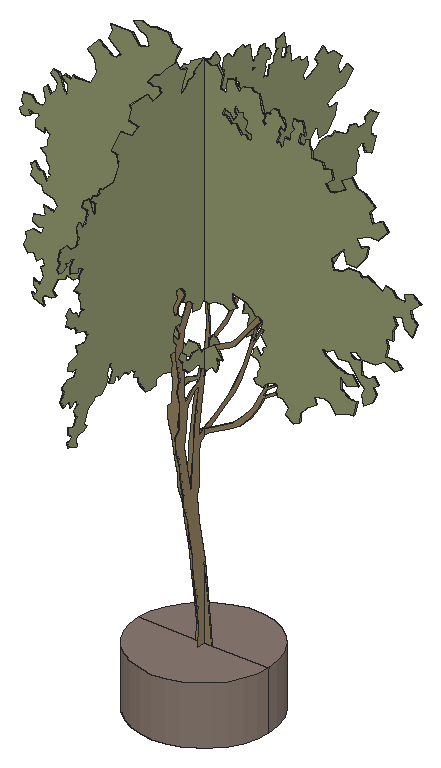
Revit family "L-PL낙엽교목_목련", category 수목, Revit 2019
Family settings
  OmniClass 번호 = 23.40.05.00
  OmniClass 제목 = Plants and Planting Products
  작업 기준면 기반 = 아니오
  항상 수직 = 예
  로드될 때 보이드를 사용하여 절단 = 아니오
  렌더 모양 소스 = 패밀리 형상
  공유 = 아니오
Parameters (values of type "목련")
  한국산업규격KS = ""
  콘 높이 = 뿌리분 직경 / 4  # 272.5 mm
  조달청표준공사코드-세부공종 = "10161599202809"
  뿌리분 직경 = (24 mm + ((R / 10) - 3 mm) * 5) * 10  # 1090 mm
  뿌리분 높이 = 뿌리분 직경 / 2  # 545 mm
  높이 = 5000 mm
  건설정보분류체계-부위분류 = "E985"
  R = 200 mm
  LIM_INFO_주의사항 = "재배포, 재가공, 판매 금지"
  LIM_INFO_제작일 = "20211210"
  LIM_INFO_버전 = "2022_V01"
  LIM_INFO_PL_학명 = "Quercus myrsinaefolia Bl."
  LIM_INFO_PL_품명 = "가시나무"
  LIM_INFO_PL_주당인정수량 = 0
  LIM_INFO_PL_수목단위 = "주"
  LIM_INFO_PL_규격 = "5.0H X 18R"
  LIM_INFO_PL_구분 = "상록교목"
  LIM_INFO_PL_가격 = 0
  LIM_INFO_PL_Qty [instance] = 0
  LIM_INFO_PL_M2당수량 = 0
  KBIMS_식별-버전 = ""
  KBIMS_식별-bSK등록번호 = ""
  KBIMS_보급정보-저작자 = "림인포테크_MMJ"
  KBIMS_보급정보-보급코드 = ""
  H = 높이  # 5000 mm
Reference planes
  plane 1 "중심(앞/뒤)": y = 0
  plane 2: z = 0
  plane 3 "중심(왼쪽/오른쪽)": x = 0
  plane 4: x = 482.5
  plane 5: x = -607.5
  plane 6: z = -545
  plane 7: z = -817.5
  plane 8: z = 5000
  plane 9: x = -100
  plane 10: x = 100
Forms (mm)
  Revolve 1, solid, material "흙"
    sketch origin (0, 0, 0) x (1, 0, 0) y (0, 0, 1)
      loop
        line (0, 0) -> (-607.5, 0) -> (-607.5, -545) -> (0, -545) -> (0, 0)
      axis (0, 0) -> (0, -545)
    angle from 0 to 360
  Revolve 2, solid, material "흙"
    sketch origin (0, 0, 0) x (1, 0, 0) y (0, 0, 1)
      loop
        line (0, -545) -> (-607.5, -545) -> (0, -817.5) -> (0, -545)
      axis (0, -545) -> (0, -817.5)
    angle from 0 to 360
Dimensions and locks
  "뿌리분 직경": plane 4 to plane 5
  "뿌리분 높이": plane 6 to level
  "콘 높이": plane 7 to plane 6
  "H": level to plane 8
  "R": plane 9 to plane 10
  aligned and locked: level to plane 2
Automatic sketch dimensions
  Revolve 1 sketch curve to level = 0 mm  (x2)
  Revolve 1 sketch curve to plane 5 = 0 mm
  Revolve 1 sketch curve to plane 3 "중심(왼쪽/오른쪽)" = 0 mm  (x2)
  Revolve 1 sketch curve to plane 6 = 0 mm  (x2)
  Revolve 2 sketch curve to plane 5 = 0 mm
  Revolve 2 sketch curve to plane 3 "중심(왼쪽/오른쪽)" = 0 mm  (x2)
  Revolve 2 sketch curve to plane 7 = 0 mm  (x2)
  Revolve 2 sketch curve to plane 6 = 0 mm  (x2)
Nested families
  nested 1: "목련_base" at (0, 0, 0), type "목련_base"
Definition of nested family "목련_base"
  Parameters (values of type "목련_base")
    Height = 6000 mm
  Reference planes
    plane 1 "중심(앞/뒤)": y = 0
    plane 2: z = 0
    plane 3 "중심(왼쪽/오른쪽)": x = 0
  Forms (mm)
    Extrusion 1, solid, detail levels fine
      sketch origin (0, 0, 0) x (1, 0, 0) y (0, 0, 1)
        loop
          line (-1402.115, 3232.192) -> (-1364.701, 3177.607) -> (-1398.07, 3125.044) -> (-1493.867, 3143.201) -> (-1476.65, 3058.16) -> (-1585.014, 3035.888) -> (-1596.154, 2978.182) -> (-1544.504, 2945.785) -> (-1489.816, 2955.909) -> (-1517.16, 2893.141) -> (-1596.154, 2907.314) -> (-1659.957, 2863.782) -> (-1649.83, 2812.15) -> (-1682.238, 2752.419) -> (-1647.804, 2694.713) -> (-1582.989, 2720.023) -> (-1562.734, 2656.242) -> (-1501.015, 2697.507) -> (-1484.798, 2641.783) -> (-1522.299, 2614.427) -> (-1496.961, 2542.492) -> (-1530.407, 2473.597) -> (-1588.178, 2496.9) -> (-1589.191, 2441.176) -> (-1548.65, 2407.741) -> (-1569.934, 2371.267) -> (-1608.448, 2379.373) -> (-1590.205, 2329.727) -> (-1489.866, 2298.319) -> (-1503.042, 2365.188) -> (-1476.69, 2393.557) -> (-1420.946, 2391.531) -> (-1377.365, 2419.899) -> (-1410.811, 2455.36) -> (-1362.801, 2563.351) -> (-1289.771, 2597.825) -> (-1278.614, 2627.23) -> (-1216.741, 2613.034) -> (-1156.898, 2660.69) -> (-1130.526, 2715.443) -> (-1144.726, 2761.07) -> (-1108.211, 2834.074) -> (-1082.853, 2825.963) -> (-1096.937, 2801.572) -> (-1068.352, 2752.676) -> (-1109.642, 2664.41) -> (-1057.553, 2643.454) -> (-1038.496, 2691.08) -> (-1005.463, 2678.38) -> (-999.111, 2639.644) -> (-938.764, 2677.11) -> (-888.58, 2640.914) -> (-844.749, 2661.235) -> (-812.987, 2623.134) -> (-821.245, 2588.208) -> (-768.521, 2567.888) -> (-770.426, 2520.897) -> (-759.627, 2504.387) -> (-733.583, 2465.651) -> (-690.387, 2410.406) -> (-633.215, 2395.165) -> (-623.052, 2406.595) -> (-568.421, 2404.055) -> (-568.421, 2452.951) -> (-489.667, 2471.87) -> (-399.117, 2450.512) -> (-384.873, 2515.604) -> (-402.163, 2591.965) -> (-342.089, 2586.876) -> (-331.907, 2640.822) -> (-359.399, 2674.411) -> (-367.545, 2733.446) -> (-342.089, 2800.624) -> (-284.052, 2792.481) -> (-265.724, 2839.302) -> (-305.99, 2887.216) -> (-364.073, 2899.44) -> (-367.13, 2972.781) -> (-321.275, 3025.749) -> (-333.503, 3099.09) -> (-279.497, 3097.053) -> (-257.079, 3068.531) -> (-231.604, 3042.047) -> (-218.357, 3005.377) -> (-241.794, 2962.594) -> (-167.408, 2933.054) -> (-140.914, 2900.458) -> (-132.763, 2834.248) -> (-56.339, 2826.099) -> (-23.731, 2872.955) -> (13.855, 2874.935) -> (51.478, 2856.449) -> (102.492, 2893.421) -> (191.767, 2902.983) -> (245.332, 2871.11) -> (316.114, 2918.282) -> (274.027, 2970.553) -> (274.027, 3022.824) -> (393.911, 2995.414) -> (452.577, 2955.254) -> (494.027, 2915.732) -> (552.055, 2890.234) -> (544.403, 2825.851) -> (569.91, 2819.477) -> (543.128, 2765.931) -> (595.265, 2692.21) -> (557.505, 2664.665) -> (567.71, 2630.998) -> (534.032, 2603.453) -> (496.272, 2656.503) -> (471.778, 2626.918) -> (471.778, 2595.292) -> (449.326, 2568.767) -> (514.642, 2543.262) -> (533.011, 2494.293) -> (507.498, 2448.384) -> (511.58, 2410.637) -> (473.819, 2383.092) -> (496.272, 2343.304) -> (564.649, 2340.244) -> (590.162, 2374.93) -> (668.112, 2411.887) -> (693.65, 2402.314) -> (682.478, 2341.683) -> (693.65, 2309.771) -> (739.271, 2305.817) -> (801.472, 2254.799) -> (772.764, 2183.054) -> (846.129, 2133.629) -> (905.141, 2165.516) -> (908.33, 2237.261) -> (973.721, 2313.789) -> (1058.251, 2363.213) -> (1039.112, 2425.392) -> (1137.996, 2447.713) -> (1183.573, 2426.69) -> (1237.737, 2347.066) -> (1336.507, 2391.656) -> (1408.195, 2401.211) -> (1438.463, 2522.24) -> (1374.741, 2520.648) -> (1288.715, 2581.163) -> (1285.529, 2673.527) -> (1344.473, 2625.753) -> (1451.506, 2659.254) -> (1397.342, 2737.286) -> (1354.329, 2719.769) -> (1247.594, 2754.804) -> (1145.638, 2805.764) -> (1112.184, 2851.946) -> (1164.755, 2847.169) -> (1223.698, 2883.796) -> (1263.525, 2821.689) -> (1362.295, 2834.429) -> (1404.608, 2773.168) -> (1449.162, 2704.77) -> (1504.855, 2657.05) -> (1477.804, 2601.377) -> (1496.899, 2513.89) -> (1579.643, 2566.382) -> (1621.015, 2644.325) -> (1593.964, 2696.817) -> (1638.518, 2731.811) -> (1601.92, 2793.847) -> (1546.227, 2754.08) -> (1482.578, 2763.624) -> (1479.396, 2824.07) -> (1477.804, 2879.743) -> (1417.338, 2878.152) -> (1360.054, 2913.147) -> (1431.659, 2935.416) -> (1484.169, 2892.468) -> (1609.876, 2898.831) -> (1695.802, 2949.732) -> (1794.459, 2905.194) -> (1857.51, 2943.339) -> (1806.63, 2995.79) -> (1709.639, 2998.969) -> (1727.129, 3080.031) -> (1714.409, 3146.787) -> (1773.24, 3156.324) -> (1773.24, 3235.796) -> (1809.81, 3289.837) -> (1778.01, 3359.773) -> (1851.15, 3386.793) -> (1881.36, 3289.837) -> (1954.5, 3245.333) -> (2005.38, 3370.899) -> (1951.32, 3409.045) -> (1943.37, 3469.444) -> (2037.181, 3547.327) -> (1956.09, 3604.547) -> (1886.13, 3577.526) -> (1892.49, 3525.075) -> (1808.22, 3526.664) -> (1774.83, 3571.168) -> (1704.291, 3588.698) -> (1673.801, 3527.742) -> (1536.6, 3611.557) -> (1488.325, 3586.159) -> (1445.132, 3614.097) -> (1356.205, 3614.097) -> (1302.849, 3570.919) -> (1216.463, 3550.6) -> (1201.218, 3642.036) -> (1315.553, 3756.33) -> (1340.961, 3647.115) -> (1432.428, 3647.115) -> (1521.355, 3756.33) -> (1544.222, 3850.305) -> (1470.54, 3837.606) -> (1432.428, 3885.863) -> (1544.222, 3949.36) -> (1638.231, 3946.82) -> (1732.239, 4048.415) -> (1676.342, 4116.992) -> (1587.415, 4071.274) -> (1556.926, 4152.55) -> (1610.282, 4210.967) -> (1513.733, 4297.322) -> (1440.051, 4307.482) -> (1391.776, 4388.758) -> (1292.686, 4325.261) -> (1338.42, 4266.844) -> (1231.707, 4208.427) -> (1178.351, 4190.648) -> (1145.321, 4251.605) -> (1213.922, 4307.482) -> (1201.218, 4386.218) -> (1127.536, 4373.518) -> (1119.913, 4416.696) -> (1015.742, 4424.316) -> (1015.742, 4482.733) -> (992.875, 4523.371) -> (992.875, 4566.335) -> (961.329, 4554.353) -> (949.343, 4489.451) -> (896.404, 4513.414) -> (908.39, 4592.295) -> (949.343, 4581.312) -> (941.352, 4643.219) -> (929.366, 4704.127) -> (893.407, 4684.157) -> (845.462, 4690.148) -> (838.471, 4630.238) -> (855.451, 4603.279) -> (814.498, 4553.354) -> (816.496, 4503.429) -> (763.557, 4505.426) -> (750.572, 4450.509) -> (739.585, 4400.585) -> (714.613, 4438.527) -> (686.646, 4438.527) -> (717.61, 4511.417) -> (704.625, 4537.378) -> (724.602, 4579.315) -> (758.563, 4559.345) -> (770.549, 4607.273) -> (744.579, 4657.198) -> (711.617, 4668.181) -> (703.626, 4709.119) -> (654.683, 4704.127) -> (629.711, 4670.178) -> (638.701, 4649.21) -> (592.754, 4651.207) -> (573.776, 4569.33) -> (591.755, 4555.351) -> (570.779, 4545.366) -> (551.801, 4571.327) -> (581.767, 4613.264) -> (557.794, 4642.22) -> (539.815, 4713.113) -> (525.305, 4783.499) -> (467.283, 4779.499) -> (453.278, 4810.5) -> (378.249, 4795.5) -> (341.235, 4749.498) -> (282.201, 4814.714) -> (226.968, 4803.671) -> (216.926, 4730.388) -> (220.943, 4686.218) -> (157.676, 4701.276) -> (181.778, 4819.733) -> (136.588, 4896.028) -> (71.313, 4857.88) -> (-4.005, 4899.039) -> (-117.483, 4838.807) -> (-124.06, 4802.064) -> (-183.332, 4789.009) -> (-202.42, 4751.851) -> (-285.803, 4701.638) -> (-253.655, 4811.102) -> (-208.447, 4906.507) -> (-288.817, 4927.597) -> (-322.973, 5000.908) -> (-439.509, 5003.92) -> (-505.814, 4982.831) -> (-575.132, 5007.937) -> (-652.487, 4986.848) -> (-600.247, 4929.605) -> (-526.911, 4900.482) -> (-498.781, 4818.132) -> (-599.243, 4796.039) -> (-667.651, 4883.313) -> (-863.879, 4883.313) -> (-847.795, 4838.293) -> (-883.18, 4759.508) -> (-764.157, 4659.821) -> (-841.361, 4616.409) -> (-976.469, 4708.057) -> (-1082.624, 4598.723) -> (-1018.288, 4537.625) -> (-1000.595, 4429.898) -> (-1055.281, 4322.172) -> (-1191.997, 4320.564) -> (-1213.659, 4337.104) -> (-1240.074, 4294.98) -> (-1294.161, 4310.698) -> (-1324.35, 4283.664) -> (-1274.036, 4235.254) -> (-1270.891, 4145.349) -> (-1310.514, 4183.7) -> (-1324.979, 4250.971) -> (-1349.507, 4308.183) -> (-1400.45, 4320.757) -> (-1424.349, 4281.149) -> (-1366.488, 4217.021) -> (-1380.324, 4138.433) -> (-1426.221, 4105.05) -> (-1458.443, 4161.418) -> (-1490.665, 4130.214) -> (-1474.554, 4022.51) -> (-1496.706, 3973.188) -> (-1563.164, 3977.215) -> (-1605.455, 4030.563) -> (-1682.989, 4023.517) -> (-1704.134, 3952.05) -> (-1679.831, 3915.984) -> (-1717.145, 3880.699) -> (-1697.984, 3840.374) -> (-1664.704, 3835.334) -> (-1614.28, 3861.545) -> (-1637.475, 3901.87) -> (-1592.093, 3882.716) -> (-1553.771, 3899.854) -> (-1530.576, 3881.707) -> (-1565.873, 3832.309) -> (-1566.881, 3778.879) -> (-1486.056, 3755.2) -> (-1483.533, 3795.546) -> (-1428.039, 3758.983) -> (-1460.831, 3705.399) -> (-1455.155, 3653.707) -> (-1518.217, 3614.622) -> (-1462.294, 3568.102) -> (-1466.336, 3527.7) -> (-1441.075, 3483.257) -> (-1444.107, 3435.784) -> (-1415.815, 3411.543) -> (-1448.148, 3399.422) -> (-1467.346, 3358.01) -> (-1494.628, 3417.603) -> (-1546.159, 3436.794) -> (-1570.409, 3489.318) -> (-1618.909, 3453.965) -> (-1596.68, 3415.583) -> (-1618.51, 3358.547) -> (-1551.771, 3310.027) -> (-1508.29, 3312.048) -> (-1493.122, 3255.441) -> (-1402.115, 3232.192)
        loop
          line (26.539, 2291.366) -> (78.667, 2337.345) -> (117.507, 2314.867) -> (142.038, 2375.151) -> (126.706, 2428.282) -> (180.879, 2428.282) -> (145.105, 2491.631) -> (105.189, 2535.243) -> (60.268, 2502.87) -> (-27.634, 2439.521) -> (-49.098, 2485.5) -> (-138.023, 2485.5) -> (-165.62, 2442.587) -> (-223.881, 2460.978) -> (-223.881, 2515.131) -> (-261.7, 2547.828) -> (-296.452, 2534.545) -> (-296.452, 2511.044) -> (-255.567, 2457.913) -> (-255.567, 2411.934) -> (-191.173, 2349.607) -> (-130.868, 2349.607) -> (-65.452, 2370.042) -> (-50.121, 2325.084) -> (26.539, 2291.366)
        loop
          line (261.545, 4445.488) -> (308.551, 4456.139) -> (332.368, 4414.787) -> (359.945, 4384.087) -> (395.671, 4397.871) -> (420.114, 4364.665) -> (453.959, 4367.797) -> (453.332, 4420.426) -> (392.537, 4441.728) -> (411.966, 4491.851) -> (411.966, 4523.178) -> (375.614, 4541.974) -> (379.375, 4582.699) -> (333.622, 4567.662) -> (298.523, 4605.254) -> (291.629, 4559.517) -> (307.298, 4524.431) -> (285.361, 4488.092) -> (257.157, 4535.082) -> (202.003, 4546.986) -> (183.2, 4499.37) -> (232.087, 4485.586) -> (261.545, 4445.488)
      from 0 to 5
    Extrusion 2, solid, detail levels fine
      sketch origin (0, 0, 0) x (1, 0, 0) y (0, 0, 1)
        loop
          line (-283.089, 2117.308) -> (-293.341, 1910.317) -> (-335.152, 1866.498) -> (-330.432, 1797.063) -> (-326.169, 1721.763) -> (-304.681, 1669.136) -> (-287.49, 1585.361) -> (-278.895, 1508.031) -> (-254.183, 1365.185) -> (-243.439, 1332.964) -> (-240.132, 1231.284) -> (-191.159, 1104.536) -> (-171.704, 965.046) -> (-134.03, 780.124) -> (-130.815, 710.494) -> (-113.088, 528.051) -> (-93.687, 409.124) -> (-63.843, 156.051) -> (-75, 0) -> (75, 0) -> (67.295, 126.981) -> (37.471, 406.719) -> (4.659, 694.647) -> (-61.761, 1045.843) -> (-86.231, 1271.238) -> (-69.216, 1348.115) -> (-69.216, 1611.663) -> (-53.836, 1699.513) -> (47.227, 1776.381) -> (242.346, 1876.329) -> (350.283, 1944.59) -> (437.292, 2032.669) -> (511.085, 2136.162) -> (568.358, 2241.857) -> (686.948, 2316.972) -> (678.409, 2338.923) -> (584.07, 2278.762) -> (566.584, 2277.543) -> (597.895, 2334.451) -> (689.388, 2398.27) -> (675.156, 2403.961) -> (608.061, 2358.434) -> (598.708, 2354.776) -> (600.742, 2375.1) -> (592.202, 2370.629) -> (560.485, 2317.785) -> (530.91, 2256.17) -> (465.928, 2136.162) -> (363.499, 2018.356) -> (277.591, 1944.59) -> (112.383, 1853.208) -> (-9.872, 1794.855) -> (-62.738, 1751.917) -> (-62.738, 1823.481) -> (-34.102, 2062.396) -> (9.953, 2266.078) -> (16.026, 2291.733) -> (-30.799, 2313.376) -> (-40.84, 2267.469) -> (-48.606, 2225.381) -> (-151.894, 2175.58) -> (-221.939, 2112.376) -> (-239.608, 2185.783) -> (-238.503, 2271.884) -> (-235.709, 2381.739) -> (-263.918, 2405.452) -> (-262.72, 2456.203) -> (-302.779, 2507.861) -> (-302.779, 2535.092) -> (-265.123, 2547.906) -> (-258.342, 2599.573) -> (-240.706, 2709.896) -> (-234.304, 2739.332) -> (-148.527, 2901.228) -> (-168.371, 2929.383) -> (-199.097, 2941.542) -> (-286.176, 2766.016) -> (-295.138, 2790.972) -> (-322.663, 2794.172) -> (-290.657, 2712.904) -> (-293.217, 2673.23) -> (-309.221, 2677.069) -> (-362.351, 2730.181) -> (-355.31, 2678.349) -> (-325.224, 2644.434) -> (-332.905, 2612.439) -> (-333.37, 2529.713) -> (-293.231, 2322.104) -> (-312.839, 2233.562) -> (-283.089, 2117.308)
        loop
          line (-206.48, 1555.476) -> (-176.664, 1385.48) -> (-161.205, 1349.053) -> (-146.849, 1364.507) -> (-147.953, 1419.7) -> (-135.806, 1517.944) -> (-134.702, 1613.98) -> (-123.66, 1681.316) -> (-112.617, 1840.273) -> (-93.844, 2003.645) -> (-61.821, 2153.771) -> (-54.921, 2191.16) -> (-134.207, 2142.228) -> (-198.121, 2073.112) -> (-204.271, 2038.969) -> (-217.522, 1882.22) -> (-232.982, 1813.78) -> (-238.503, 1736.509) -> (-225.252, 1690.147) -> (-206.48, 1555.476)
        loop
          line (505.008, 2907.007) -> (307.766, 2658.038) -> (266.791, 2613.021) -> (110.236, 2533.335) -> (138.506, 2502.771) -> (245.974, 2556.935) -> (297.778, 2594.479) -> (431.172, 2759.545) -> (548.846, 2886.996) -> (505.008, 2907.007)
        loop
          line (19.365, 2866.457) -> (28.227, 2665.213) -> (10.836, 2471.8) -> (48.769, 2498.931) -> (56.594, 2664.808) -> (44.817, 2855.957) -> (19.365, 2866.457)
      from 0 to 5
    Extrusion 3, solid, detail levels fine
      sketch origin (0, 0, 0) x (0, 1, 0) y (0, 0, 1)
        loop
          line (-1402.115, 3232.192) -> (-1364.701, 3177.607) -> (-1398.07, 3125.044) -> (-1493.867, 3143.201) -> (-1476.65, 3058.16) -> (-1585.014, 3035.888) -> (-1596.154, 2978.182) -> (-1544.504, 2945.785) -> (-1489.816, 2955.909) -> (-1517.16, 2893.141) -> (-1596.154, 2907.314) -> (-1659.957, 2863.782) -> (-1649.83, 2812.15) -> (-1682.238, 2752.419) -> (-1647.804, 2694.713) -> (-1582.989, 2720.023) -> (-1562.734, 2656.242) -> (-1501.015, 2697.507) -> (-1484.798, 2641.783) -> (-1522.299, 2614.427) -> (-1496.961, 2542.492) -> (-1530.407, 2473.597) -> (-1588.178, 2496.9) -> (-1589.191, 2441.176) -> (-1548.65, 2407.741) -> (-1569.934, 2371.267) -> (-1608.448, 2379.373) -> (-1590.205, 2329.727) -> (-1489.866, 2298.319) -> (-1503.042, 2365.188) -> (-1476.69, 2393.557) -> (-1420.946, 2391.531) -> (-1377.365, 2419.899) -> (-1410.811, 2455.36) -> (-1362.801, 2563.351) -> (-1289.771, 2597.825) -> (-1278.614, 2627.23) -> (-1216.741, 2613.034) -> (-1156.898, 2660.69) -> (-1130.526, 2715.443) -> (-1144.726, 2761.07) -> (-1108.211, 2834.074) -> (-1082.853, 2825.963) -> (-1096.937, 2801.572) -> (-1068.352, 2752.676) -> (-1109.642, 2664.41) -> (-1057.553, 2643.454) -> (-1038.496, 2691.08) -> (-1005.463, 2678.38) -> (-999.111, 2639.644) -> (-938.764, 2677.11) -> (-888.58, 2640.914) -> (-844.749, 2661.235) -> (-812.987, 2623.134) -> (-821.245, 2588.208) -> (-768.521, 2567.888) -> (-770.426, 2520.897) -> (-759.627, 2504.387) -> (-733.583, 2465.651) -> (-690.387, 2410.406) -> (-633.215, 2395.165) -> (-623.052, 2406.595) -> (-568.421, 2404.055) -> (-568.421, 2452.951) -> (-489.667, 2471.87) -> (-399.117, 2450.512) -> (-384.873, 2515.604) -> (-402.163, 2591.965) -> (-342.089, 2586.876) -> (-331.907, 2640.822) -> (-359.399, 2674.411) -> (-367.545, 2733.446) -> (-342.089, 2800.624) -> (-284.052, 2792.481) -> (-265.724, 2839.302) -> (-305.99, 2887.216) -> (-364.073, 2899.44) -> (-367.13, 2972.781) -> (-321.275, 3025.749) -> (-333.503, 3099.09) -> (-279.497, 3097.053) -> (-257.079, 3068.531) -> (-231.604, 3042.047) -> (-218.357, 3005.377) -> (-241.794, 2962.594) -> (-167.408, 2933.054) -> (-140.914, 2900.458) -> (-132.763, 2834.248) -> (-56.339, 2826.099) -> (-23.731, 2872.955) -> (13.855, 2874.935) -> (51.478, 2856.449) -> (102.492, 2893.421) -> (191.767, 2902.983) -> (245.332, 2871.11) -> (316.114, 2918.282) -> (274.027, 2970.553) -> (274.027, 3022.824) -> (393.911, 2995.414) -> (452.577, 2955.254) -> (494.027, 2915.732) -> (552.055, 2890.234) -> (544.403, 2825.851) -> (569.91, 2819.477) -> (543.128, 2765.931) -> (595.265, 2692.21) -> (557.505, 2664.665) -> (567.71, 2630.998) -> (534.032, 2603.453) -> (496.272, 2656.503) -> (471.778, 2626.918) -> (471.778, 2595.292) -> (449.326, 2568.767) -> (514.642, 2543.262) -> (533.011, 2494.293) -> (507.498, 2448.384) -> (511.58, 2410.637) -> (473.819, 2383.092) -> (496.272, 2343.304) -> (564.649, 2340.244) -> (590.162, 2374.93) -> (668.112, 2411.887) -> (693.65, 2402.314) -> (682.478, 2341.683) -> (693.65, 2309.771) -> (739.271, 2305.817) -> (801.472, 2254.799) -> (772.764, 2183.054) -> (846.129, 2133.629) -> (905.141, 2165.516) -> (908.33, 2237.261) -> (973.721, 2313.789) -> (1058.251, 2363.213) -> (1039.112, 2425.392) -> (1137.996, 2447.713) -> (1183.573, 2426.69) -> (1237.737, 2347.066) -> (1336.507, 2391.656) -> (1408.195, 2401.211) -> (1438.463, 2522.24) -> (1374.741, 2520.648) -> (1288.715, 2581.163) -> (1285.529, 2673.527) -> (1344.473, 2625.753) -> (1451.506, 2659.254) -> (1397.342, 2737.286) -> (1354.329, 2719.769) -> (1247.594, 2754.804) -> (1145.638, 2805.764) -> (1112.184, 2851.946) -> (1164.755, 2847.169) -> (1223.698, 2883.796) -> (1263.525, 2821.689) -> (1362.295, 2834.429) -> (1404.608, 2773.168) -> (1449.162, 2704.77) -> (1504.855, 2657.05) -> (1477.804, 2601.377) -> (1496.899, 2513.89) -> (1579.643, 2566.382) -> (1621.015, 2644.325) -> (1593.964, 2696.817) -> (1638.518, 2731.811) -> (1601.92, 2793.847) -> (1546.227, 2754.08) -> (1482.578, 2763.624) -> (1479.396, 2824.07) -> (1477.804, 2879.743) -> (1417.338, 2878.152) -> (1360.054, 2913.147) -> (1431.659, 2935.416) -> (1484.169, 2892.468) -> (1609.876, 2898.831) -> (1695.802, 2949.732) -> (1794.459, 2905.194) -> (1857.51, 2943.339) -> (1806.63, 2995.79) -> (1709.639, 2998.969) -> (1727.129, 3080.031) -> (1714.409, 3146.787) -> (1773.24, 3156.324) -> (1773.24, 3235.796) -> (1809.81, 3289.837) -> (1778.01, 3359.773) -> (1851.15, 3386.793) -> (1881.36, 3289.837) -> (1954.5, 3245.333) -> (2005.38, 3370.899) -> (1951.32, 3409.045) -> (1943.37, 3469.444) -> (2037.181, 3547.327) -> (1956.09, 3604.547) -> (1886.13, 3577.526) -> (1892.49, 3525.075) -> (1808.22, 3526.664) -> (1774.83, 3571.168) -> (1704.291, 3588.698) -> (1673.801, 3527.742) -> (1536.6, 3611.557) -> (1488.325, 3586.159) -> (1445.132, 3614.097) -> (1356.205, 3614.097) -> (1302.849, 3570.919) -> (1216.463, 3550.6) -> (1201.218, 3642.036) -> (1315.553, 3756.33) -> (1340.961, 3647.115) -> (1432.428, 3647.115) -> (1521.355, 3756.33) -> (1544.222, 3850.305) -> (1470.54, 3837.606) -> (1432.428, 3885.863) -> (1544.222, 3949.36) -> (1638.231, 3946.82) -> (1732.239, 4048.415) -> (1676.342, 4116.992) -> (1587.415, 4071.274) -> (1556.926, 4152.55) -> (1610.282, 4210.967) -> (1513.733, 4297.322) -> (1440.051, 4307.482) -> (1391.776, 4388.758) -> (1292.686, 4325.261) -> (1338.42, 4266.844) -> (1231.707, 4208.427) -> (1178.351, 4190.648) -> (1145.321, 4251.605) -> (1213.922, 4307.482) -> (1201.218, 4386.218) -> (1127.536, 4373.518) -> (1119.913, 4416.696) -> (1015.742, 4424.316) -> (1015.742, 4482.733) -> (992.875, 4523.371) -> (992.875, 4566.335) -> (961.329, 4554.353) -> (949.343, 4489.451) -> (896.404, 4513.414) -> (908.39, 4592.295) -> (949.343, 4581.312) -> (941.352, 4643.219) -> (929.366, 4704.127) -> (893.407, 4684.157) -> (845.462, 4690.148) -> (838.471, 4630.238) -> (855.451, 4603.279) -> (814.498, 4553.354) -> (816.496, 4503.429) -> (763.557, 4505.426) -> (750.572, 4450.509) -> (739.585, 4400.585) -> (714.613, 4438.527) -> (686.646, 4438.527) -> (717.61, 4511.417) -> (704.625, 4537.378) -> (724.602, 4579.315) -> (758.563, 4559.345) -> (770.549, 4607.273) -> (744.579, 4657.198) -> (711.617, 4668.181) -> (703.626, 4709.119) -> (654.683, 4704.127) -> (629.711, 4670.178) -> (638.701, 4649.21) -> (592.754, 4651.207) -> (573.776, 4569.33) -> (591.755, 4555.351) -> (570.779, 4545.366) -> (551.801, 4571.327) -> (581.767, 4613.264) -> (557.794, 4642.22) -> (539.815, 4713.113) -> (525.305, 4783.499) -> (467.283, 4779.499) -> (453.278, 4810.5) -> (378.249, 4795.5) -> (341.235, 4749.498) -> (282.201, 4814.714) -> (226.968, 4803.671) -> (216.926, 4730.388) -> (220.943, 4686.218) -> (157.676, 4701.276) -> (181.778, 4819.733) -> (136.588, 4896.028) -> (71.313, 4857.88) -> (-4.005, 4899.039) -> (-117.483, 4838.807) -> (-124.06, 4802.064) -> (-183.332, 4789.009) -> (-202.42, 4751.851) -> (-285.803, 4701.638) -> (-253.655, 4811.102) -> (-208.447, 4906.507) -> (-288.817, 4927.597) -> (-322.973, 5000.908) -> (-439.509, 5003.92) -> (-505.814, 4982.831) -> (-575.132, 5007.937) -> (-652.487, 4986.848) -> (-600.247, 4929.605) -> (-526.911, 4900.482) -> (-498.781, 4818.132) -> (-599.243, 4796.039) -> (-667.651, 4883.313) -> (-863.879, 4883.313) -> (-847.795, 4838.293) -> (-883.18, 4759.508) -> (-764.157, 4659.821) -> (-841.361, 4616.409) -> (-976.469, 4708.057) -> (-1082.624, 4598.723) -> (-1018.288, 4537.625) -> (-1000.595, 4429.898) -> (-1055.281, 4322.172) -> (-1191.997, 4320.564) -> (-1213.659, 4337.104) -> (-1240.074, 4294.98) -> (-1294.161, 4310.698) -> (-1324.35, 4283.664) -> (-1274.036, 4235.254) -> (-1270.891, 4145.349) -> (-1310.514, 4183.7) -> (-1324.979, 4250.971) -> (-1349.507, 4308.183) -> (-1400.45, 4320.757) -> (-1424.349, 4281.149) -> (-1366.488, 4217.021) -> (-1380.324, 4138.433) -> (-1426.221, 4105.05) -> (-1458.443, 4161.418) -> (-1490.665, 4130.214) -> (-1474.554, 4022.51) -> (-1496.706, 3973.188) -> (-1563.164, 3977.215) -> (-1605.455, 4030.563) -> (-1682.989, 4023.517) -> (-1704.134, 3952.05) -> (-1679.831, 3915.984) -> (-1717.145, 3880.699) -> (-1697.984, 3840.374) -> (-1664.704, 3835.334) -> (-1614.28, 3861.545) -> (-1637.475, 3901.87) -> (-1592.093, 3882.716) -> (-1553.771, 3899.854) -> (-1530.576, 3881.707) -> (-1565.873, 3832.309) -> (-1566.881, 3778.879) -> (-1486.056, 3755.2) -> (-1483.533, 3795.546) -> (-1428.039, 3758.983) -> (-1460.831, 3705.399) -> (-1455.155, 3653.707) -> (-1518.217, 3614.622) -> (-1462.294, 3568.102) -> (-1466.336, 3527.7) -> (-1441.075, 3483.257) -> (-1444.107, 3435.784) -> (-1415.815, 3411.543) -> (-1448.148, 3399.422) -> (-1467.346, 3358.01) -> (-1494.628, 3417.603) -> (-1546.159, 3436.794) -> (-1570.409, 3489.318) -> (-1618.909, 3453.965) -> (-1596.68, 3415.583) -> (-1618.51, 3358.547) -> (-1551.771, 3310.027) -> (-1508.29, 3312.048) -> (-1493.122, 3255.441) -> (-1402.115, 3232.192)
        loop
          line (26.539, 2291.366) -> (78.667, 2337.345) -> (117.507, 2314.867) -> (142.038, 2375.151) -> (126.706, 2428.282) -> (180.879, 2428.282) -> (145.105, 2491.631) -> (105.189, 2535.243) -> (60.268, 2502.87) -> (-27.634, 2439.521) -> (-49.098, 2485.5) -> (-138.023, 2485.5) -> (-165.62, 2442.587) -> (-223.881, 2460.978) -> (-223.881, 2515.131) -> (-261.7, 2547.828) -> (-296.452, 2534.545) -> (-296.452, 2511.044) -> (-255.567, 2457.913) -> (-255.567, 2411.934) -> (-191.173, 2349.607) -> (-130.868, 2349.607) -> (-65.452, 2370.042) -> (-50.121, 2325.084) -> (26.539, 2291.366)
        loop
          line (261.545, 4445.488) -> (308.551, 4456.139) -> (332.368, 4414.787) -> (359.945, 4384.087) -> (395.671, 4397.871) -> (420.114, 4364.665) -> (453.959, 4367.797) -> (453.332, 4420.426) -> (392.537, 4441.728) -> (411.966, 4491.851) -> (411.966, 4523.178) -> (375.614, 4541.974) -> (379.375, 4582.699) -> (333.622, 4567.662) -> (298.523, 4605.254) -> (291.629, 4559.517) -> (307.298, 4524.431) -> (285.361, 4488.092) -> (257.157, 4535.082) -> (202.003, 4546.986) -> (183.2, 4499.37) -> (232.087, 4485.586) -> (261.545, 4445.488)
      from 0 to 5
    Extrusion 4, solid, detail levels fine
      sketch origin (0, 0, 0) x (0, 1, 0) y (0, 0, 1)
        loop
          line (-283.089, 2117.308) -> (-293.341, 1910.317) -> (-335.152, 1866.498) -> (-330.432, 1797.063) -> (-326.169, 1721.763) -> (-304.681, 1669.136) -> (-287.49, 1585.361) -> (-278.895, 1508.031) -> (-254.183, 1365.185) -> (-243.439, 1332.964) -> (-240.132, 1231.284) -> (-191.159, 1104.536) -> (-171.704, 965.046) -> (-134.03, 780.124) -> (-130.815, 710.494) -> (-113.088, 528.051) -> (-93.687, 409.124) -> (-63.843, 156.051) -> (-75, 0) -> (75, 0) -> (67.295, 126.981) -> (37.471, 406.719) -> (4.659, 694.647) -> (-61.761, 1045.843) -> (-86.231, 1271.238) -> (-69.216, 1348.115) -> (-69.216, 1611.663) -> (-53.836, 1699.513) -> (47.227, 1776.381) -> (242.346, 1876.329) -> (350.283, 1944.59) -> (437.292, 2032.669) -> (511.085, 2136.162) -> (568.358, 2241.857) -> (686.948, 2316.972) -> (678.409, 2338.923) -> (584.07, 2278.762) -> (566.584, 2277.543) -> (597.895, 2334.451) -> (689.388, 2398.27) -> (675.156, 2403.961) -> (608.061, 2358.434) -> (598.708, 2354.776) -> (600.742, 2375.1) -> (592.202, 2370.629) -> (560.485, 2317.785) -> (530.91, 2256.17) -> (465.928, 2136.162) -> (363.499, 2018.356) -> (277.591, 1944.59) -> (112.383, 1853.208) -> (-9.872, 1794.855) -> (-62.738, 1751.917) -> (-62.738, 1823.481) -> (-34.102, 2062.396) -> (9.953, 2266.078) -> (16.026, 2291.733) -> (-30.799, 2313.376) -> (-40.84, 2267.469) -> (-48.606, 2225.381) -> (-151.894, 2175.58) -> (-221.939, 2112.376) -> (-239.608, 2185.783) -> (-238.503, 2271.884) -> (-235.709, 2381.739) -> (-263.918, 2405.452) -> (-262.72, 2456.203) -> (-302.779, 2507.861) -> (-302.779, 2535.092) -> (-265.123, 2547.906) -> (-258.342, 2599.573) -> (-240.706, 2709.896) -> (-234.304, 2739.332) -> (-148.527, 2901.228) -> (-168.371, 2929.383) -> (-199.097, 2941.542) -> (-286.176, 2766.016) -> (-295.138, 2790.972) -> (-322.663, 2794.172) -> (-290.657, 2712.904) -> (-293.217, 2673.23) -> (-309.221, 2677.069) -> (-362.351, 2730.181) -> (-355.31, 2678.349) -> (-325.224, 2644.434) -> (-332.905, 2612.439) -> (-333.37, 2529.713) -> (-293.231, 2322.104) -> (-312.839, 2233.562) -> (-283.089, 2117.308)
        loop
          line (-206.48, 1555.476) -> (-176.664, 1385.48) -> (-161.205, 1349.053) -> (-146.849, 1364.507) -> (-147.953, 1419.7) -> (-135.806, 1517.944) -> (-134.702, 1613.98) -> (-123.66, 1681.316) -> (-112.617, 1840.273) -> (-93.844, 2003.645) -> (-61.821, 2153.771) -> (-54.921, 2191.16) -> (-134.207, 2142.228) -> (-198.121, 2073.112) -> (-204.271, 2038.969) -> (-217.522, 1882.22) -> (-232.982, 1813.78) -> (-238.503, 1736.509) -> (-225.252, 1690.147) -> (-206.48, 1555.476)
        loop
          line (505.008, 2907.007) -> (307.766, 2658.038) -> (266.791, 2613.021) -> (110.236, 2533.335) -> (138.506, 2502.771) -> (245.974, 2556.935) -> (297.778, 2594.479) -> (431.172, 2759.545) -> (548.846, 2886.996) -> (505.008, 2907.007)
        loop
          line (19.365, 2866.457) -> (28.227, 2665.213) -> (10.836, 2471.8) -> (48.769, 2498.931) -> (56.594, 2664.808) -> (44.817, 2855.957) -> (19.365, 2866.457)
      from 0 to 5
    Revolve 5, solid, detail levels coarse
      sketch origin (0, 0, 0) x (1, 0, 0) y (0, 0, 1)
        loop
          line (0, 0) -> (0, 4991.25) -> (-1100, 4991.25) -> (-1711.515, 4379.735) -> (-1195, 2563.186) -> (-75, 2563.186) -> (-75, 0) -> (0, 0)
        axis (0, 0) -> (0, 4991.25)
      angle from 0 to 360
  Lines and regions (mm)
    symbolic lines
      curve 1: arc (4.659, 0, 0) -> (-40.022, -187.952, 0) -> (-123.309, -362.266, 0) r 911.548
      curve 2: arc (-123.309, -362.266, 0) -> (-241.461, -515.113, 0) -> (-389.17, -639.629, 0) r 911.548
      curve 3: arc (-389.17, -639.629, 0) -> (-610.775, -748.947, 0) -> (-853.598, -794.73, 0) r 911.548
      curve 4: arc (-853.598, -794.73, 0) -> (-1099.796, -773.615, 0) -> (-1331.277, -687.152, 0) r 911.548
      curve 5: arc (4.659, 0, 0) -> (-202.143, 107.745, 0) -> (-379.988, 258.567, 0) r 1047.603
      curve 6: arc (-379.988, 258.567, 0) -> (-488.366, 411.639, 0) -> (-550.283, 588.678, 0) r 672.881
      curve 7: arc (-550.283, 588.678, 0) -> (-572.561, 725.956, 0) -> (-584.976, 864.475, 0) r 1945.92
      curve 8: arc (-584.976, 864.475, 0) -> (-585.338, 964, 0) -> (-575.758, 1063.063, 0) r 995.324
      curve 9: arc (-575.758, 1063.063, 0) -> (-555.538, 1155.592, 0) -> (-522.831, 1244.477, 0) r 689.611
      curve 10: arc (-522.831, 1244.477, 0) -> (-469.182, 1348.311, 0) -> (-404.345, 1445.552, 0) r 1051.825
      curve 11: arc (4.659, 0, 0) -> (-216.666, -117.083, 0) -> (-462.163, -166.327, 0) r 870.539
      curve 12: arc (-462.163, -166.327, 0) -> (-711.52, -143.658, 0) -> (-944.112, -50.951, 0) r 870.539
      curve 13: arc (-944.112, -50.951, 0) -> (-1105.681, 69.221, 0) -> (-1235.318, 223.299, 0) r 870.539
      curve 14: arc (-1235.318, 223.299, 0) -> (-1326.088, 403.04, 0) -> (-1373.133, 598.827, 0) r 870.539
      curve 15: arc (4.659, 0, 0) -> (201.796, 30.413, 0) -> (401.259, 28.855, 0) r 1241.239
      curve 16: arc (401.259, 28.855, 0) -> (542.533, 0.167, 0) -> (673.893, -59.212, 0) r 644.346
      curve 17: arc (673.893, -59.212, 0) -> (836.628, -167.094, 0) -> (988.081, -290.315, 0) r 2002.199
      curve 18: arc (988.081, -290.315, 0) -> (1088.177, -393.03, 0) -> (1173.754, -508.121, 0) r 1078.125
      curve 19: arc (1231.348, -620.363, 0) -> (1260.601, -703.077, 0) -> (1283.916, -787.657, 0) r 1236.859
      curve 20: arc (4.659, 0, 0) -> (-42.395, 254.648, 0) -> (-29.683, 513.294, 0) r 1119.554
      curve 21: arc (-29.683, 513.294, 0) -> (32.471, 702.39, 0) -> (148.557, 864.083, 0) r 654.95
      curve 22: arc (148.557, 864.083, 0) -> (255.044, 967.542, 0) -> (366.492, 1065.637, 0) r 3017
      curve 23: arc (366.492, 1065.637, 0) -> (437.525, 1120.352, 0) -> (512.78, 1169.095, 0) r 1099.143
      curve 24: arc (631.751, 1227.252, 0) -> (711.225, 1255.751, 0) -> (792.316, 1279.257, 0) r 1358.097
      curve 25: arc (4.659, 0, 0) -> (164.452, 170.071, 0) -> (352.665, 308.035, 0) r 1270.096
      curve 26: arc (352.665, 308.035, 0) -> (562.942, 409.235, 0) -> (788.186, 470.255, 0) r 1270.096
      curve 27: arc (788.186, 470.255, 0) -> (955.285, 488.094, 0) -> (1123.277, 483.716, 0) r 1270.096
      curve 28: arc (1123.277, 483.716, 0) -> (1289.22, 457.198, 0) -> (1450.21, 409.003, 0) r 1270.096
      curve 29: arc (4.659, 0, 0) -> (187.533, -139.098, 0) -> (333.557, -316.491, 0) r 993.335
      curve 30: arc (333.557, -316.491, 0) -> (402.685, -473.273, 0) -> (419.832, -643.759, 0) r 546.147
      curve 31: arc (419.832, -643.759, 0) -> (405.561, -791.796, 0) -> (379.847, -938.279, 0) r 1915.484
      curve 32: arc (379.847, -938.279, 0) -> (348.202, -1057.494, 0) -> (305.54, -1173.225, 0) r 1316.615
      curve 33: arc (305.54, -1173.225, 0) -> (266.625, -1254.139, 0) -> (220.096, -1330.928, 0) r 930.835
      curve 34: arc (220.096, -1330.928, 0) -> (156.041, -1418.23, 0) -> (85.219, -1500.138, 0) r 1354.812
      curve 35: line (420.728, -613.07, 0) -> (1175.681, -941.068, 0)
      curve 36: line (396.929, -848.902, 0) -> (818.881, -1262.515, 0)
      curve 37: line (563.242, 409.346, 0) -> (1058.909, 1070.261, 0)
      curve 38: line (454.437, 1252.005, 0) -> (663.982, 1349.887, 0)
      curve 39: line (274.053, -1240.146, 0) -> (453.085, -1433.812, 0)
      curve 40: line (451.904, -1262.233, 0) -> (360.817, -1459.47, 0)
      curve 41: line (327.662, -1117.388, 0) -> (564.875, -1393.937, 0)
      curve 42: line (366.175, 1280.261, 0) -> (249.083, 1482.282, 0)
      curve 43: line (391.755, 1086.164, 0) -> (515.24, 1412.873, 0)
      curve 44: line (1334.084, -472.649, 0) -> (1376.266, -612.859, 0)
      curve 45: line (1095.885, -402.173, 0) -> (1421.803, -498.603, 0)
      curve 46: line (719.161, -1164.766, 0) -> (635.61, -1363.379, 0)
      curve 47: line (633.924, -1081.213, 0) -> (1027.281, -1100.521, 0)
      curve 48: line (963.74, -1027.978, 0) -> (1100.943, -1027.163, 0)
      curve 49: line (1001.228, -865.275, 0) -> (927.452, -1185.477, 0)
      curve 50: line (1059.072, -749.603, 0) -> (1243.293, -850.111, 0)
      curve 51: line (829.379, -790.613, 0) -> (1333.598, -700.588, 0)
      curve 52: line (1256.756, 464.171, 0) -> (1388.666, 584.317, 0)
      curve 53: line (994.038, 489.058, 0) -> (1322.012, 722.138, 0)
      curve 54: line (1329.577, -122.906, 0) -> (1478.341, -291.829, 0)
      curve 55: line (1347.582, 36.919, 0) -> (1506.464, -38.502, 0)
      curve 56: line (1162.893, 479.423, 0) -> (1461.796, 193.199, 0)
      curve 57: line (1211.654, -149.075, 0) -> (1489.15, 230.628, 0)
      curve 58: line (902.494, -217.681, 0) -> (1504.604, -84.065, 0)
      curve 59: line (1211.365, 643.506, 0) -> (1407.851, 536.613, 0)
      curve 60: line (1048.851, 939.373, 0) -> (1121.909, 1004.318, 0)
      curve 61: line (972.521, 955.072, 0) -> (1201.525, 907.973, 0)
      curve 62: line (817.757, 1087.041, 0) -> (984.553, 1138.732, 0)
      curve 63: line (760.889, 672.887, 0) -> (839.95, 1248.676, 0)
      curve 64: line (828.164, 762.589, 0) -> (1252.761, 836.149, 0)
      curve 65: line (1252.761, 836.149, 0) -> (1211.845, 829.06, 0)
      curve 66: line (-175.092, 1267.779, 0) -> (-78.137, 1500.016, 0)
      curve 67: line (-1289.176, -492.129, 0) -> (-1445.943, -390.713, 0)
      curve 68: line (-1152.58, -198.453, 0) -> (-1356.233, -636.299, 0)
      curve 69: line (-298.156, -1274.035, 0) -> (-475.144, -1423.62, 0)
      curve 70: line (-483.268, -978.459, 0) -> (-160.933, -1493.145, 0)
      curve 71: line (-389.17, -639.629, 0) -> (-594.168, -1377.791, 0)
      curve 72: line (-533.431, -1159.087, 0) -> (-835.549, -1245.373, 0)
      curve 73: line (-1098.423, -773.923, 0) -> (-1144.741, -967.359, 0)
      curve 74: line (-932.449, -941.199, 0) -> (-913.719, -1188.901, 0)
      curve 75: line (-841.805, -794.059, 0) -> (-1025.977, -1093.02, 0)
      curve 76: line (-146.499, 1183.016, 0) -> (-513.322, 1410.177, 0)
      curve 77: line (-1339.188, 54.842, 0) -> (-1491.58, 134.803, 0)
      curve 78: line (-1268.024, 276.95, 0) -> (-1471.951, 276.95, 0)
      curve 79: line (-1189.697, 160.485, 0) -> (-1496.582, -56.387, 0)
      curve 80: line (-1264.511, -262.794, 0) -> (-1493.571, -110.496, 0)
      curve 81: line (-919.646, -64.556, 0) -> (-1451.32, -370.176, 0)
      curve 82: line (-1163.075, 677.061, 0) -> (-1267.421, 799.197, 0)
      curve 83: line (-498.438, 1295.223, 0) -> (-623.932, 1364.47, 0)
      curve 84: line (-576.369, 1058.857, 0) -> (-884.099, 1211.203, 0)
      curve 85: line (-887.222, 1019.851, 0) -> (-809.235, 1262.727, 0)
      curve 86: line (-578.228, 776.293, 0) -> (-1004.846, 1112.566, 0)
      curve 87: line (-1015.413, 812.754, 0) -> (-1093.871, 1024.761, 0)
      curve 88: line (-852.668, 752.039, 0) -> (-1359.318, 629.658, 0)
      curve 89: line (-560.298, 642.964, 0) -> (-1209.244, 885.067, 0)
      curve 90: line (18.984, 1261.009, 0) -> (-176.891, 1491.289, 0)
      curve 91: line (22.528, 681.949, 0) -> (-247.04, 1481.064, 0)
      curve 92: line (1173.754, -508.121, 0) -> (1231.348, -620.363, 0)
      curve 93: line (512.78, 1169.095, 0) -> (631.751, 1227.252, 0)
      curve 94: line (171.132, 1205.603, 0) -> (39.598, 1501.893, 0)
      curve 95: line (241.652, -1297.416, 0) -> (-84.554, -1499.648, 0)
      curve 96: line (121.223, 1123.535, 0) -> (551.89, 1399.086, 0)
      curve 97: line (-117.875, 1098.164, 0) -> (209.929, 1488.209, 0)
      curve 98: line (-38.072, 861.593, 0) -> (329.896, 1466.671, 0)
  Dimensions and locks
    aligned and locked: level to plane 2
